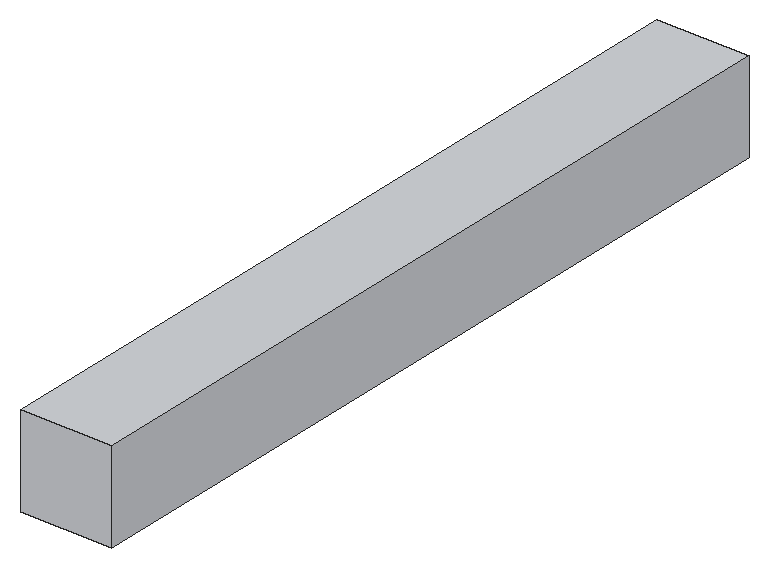
Revit family "PLN - 1family", category Generic Models, Revit 2019
Family settings
  Can host rebar = No
  Round Connector Dimension = Use Diameter
  Part Type = Normal
  Work Plane-Based = No
  Always vertical = Yes
  Cut with Voids When Loaded = No
  Shared = No
  Room Calculation Point = No
Parameters
  spessore = 4 cm
  larghezza = 4 cm
  c_larghezza [instance] = 35 cm
  c_altezzadaterra [instance] = 0 cm
Reference planes (cm)
  plane 1 "Center (Front/Back)": y = 0
  plane 2: z = 0
  plane 3 "Center (Left/Right)": x = 0
  plane 4 "lunghezza": y = 35
  plane 5 "larghezza": x = 4
  plane 6 "altezza": z = 0
  plane 7 "top": z = 4
Forms (cm)
  Extrusion 1, solid
    sketch origin (0, 0, 0) x (1, 0, 0) y (0, 1, 0)
      loop
        line (4, 35) -> (0, 35) -> (0, 0) -> (4, 0) -> (4, 35)
    from 0 to 4
Dimensions and locks (cm)
  "larghezza": plane 3 "Center (Left/Right)" to plane 5 "larghezza"
  "c_larghezza": plane 4 "lunghezza" to plane 1 "Center (Front/Back)"
  "c_altezzadaterra": plane 6 "altezza" to level
  "spessore": plane 7 "top" to plane 6 "altezza"
  aligned and locked: level to plane 2
  aligned and locked: plane 4 "lunghezza" to Extrusion 1
  aligned and locked: plane 5 "larghezza" to Extrusion 1
  aligned and locked: plane 1 "Center (Front/Back)" to Extrusion 1
  aligned and locked: plane 7 "top" to Extrusion 1
  aligned and locked: Extrusion 1 to plane 6 "altezza"
Automatic sketch dimensions
  plane 4 "lunghezza" to Extrusion 1 sketch curve = 0 cm
  Extrusion 1 sketch curve to plane 3 "Center (Left/Right)" = 0 cm
  plane 5 "larghezza" to Extrusion 1 sketch curve = 0 cm
  plane 1 "Center (Front/Back)" to Extrusion 1 sketch curve = 0 cm
